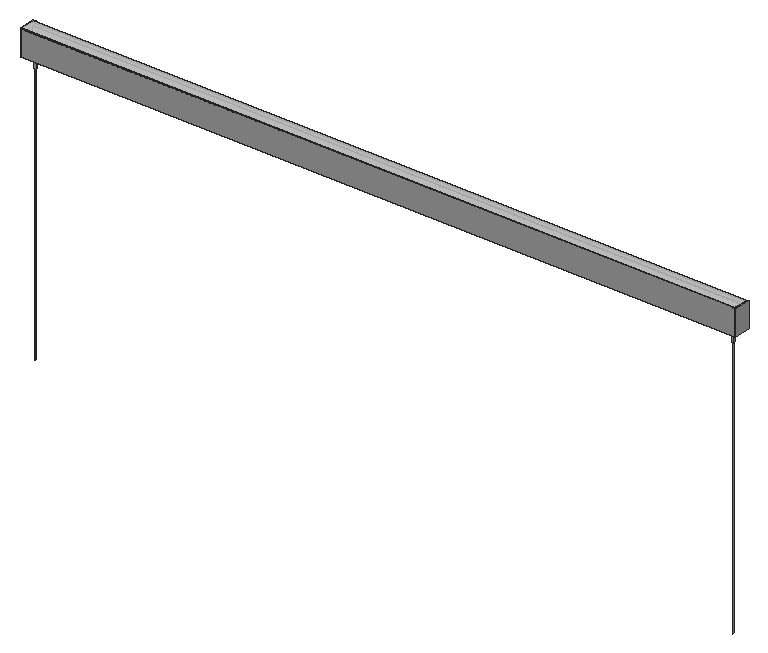
Revit family "2093145 Sylvania Lighting Fixture MC2-KIT 2-4M 4K DALI WHT PROS", category Lighting Fixtures, host Face, Revit 2016
Family settings
  Host = Face
  Part Type = Normal
  Round Connector Dimension = Use Diameter
  OmniClass Number = 23.80.70.11.17
  OmniClass Title = Specialized Lighting by Location or Use
  Cut with Voids When Loaded = No
  Light Source = Yes
  Shared = No
  Room Calculation Point = No
Parameters (values of type "2093145 MC2-KIT 2.4M 4K DALI WHT PRIS")
  Width_SYL = 54.0 mm
  Weight = "6.3 kg"
  Wattage = 42 W
  WarrantyStartDate [instance] = "n/a"
  WarrantyGuarantorParts = "n/a"
  WarrantyDurationUnit = "n/a"
  WarrantyDurationParts = "n/a"
  WarrantyDescription = "n/a"
  built-in parameter 1150110 = 1 (stored number, unit not read)
  Voltage = 0 V
  URL = "http://www.sylvania-lighting.com"
  TypeName = "MC2-KIT 2.4M 4K DALI WHT PRIS"
  built-in parameter 1114217 = 1 (stored number, unit not read)
  Tilt Angle = -90.00°
  built-in parameter 1150109 = 1 (stored number, unit not read)
  built-in parameter 1150134 = 12
  built-in parameter 1150113 = 1 (stored number, unit not read)
  SerialNumber [instance] = "n/a"
  PowerFactor = 0.98
  PowerConsumption = "42 W"
  NominalWidth = 0.0 mm
  NominalLength = 2400.0 mm
  NominalHeight = 86.0 mm
  Name = "MC2-KIT 2.4M 4K DALI WHT PRIS"
  ModelReference = "MC2-KIT 2.4M 4K DALI WHT PRIS"
  ModelNumber = "2093145"
  Material_3_SYL = Metal_Sylvania_Mini Contiuum II_Silver
  Photometric Web File = "2093145.ies"
  Material_4_SYL = Metal_Sylvania_Mini Contiuum II_Silver
  MountingHeight_SYL [instance] = 1000.0 mm
  Material = "aluminium housing, polycarbonate diffuser"
  ManufacturerName = "Feilo Sylvania"
  LuminousEfficacy = "106 lm/W"
  LuminaireType = ""
  LightOutputRatio = "100"
  Length_SYL = 2400.0 mm
  LampsType = Lamp  # "LED"
  LampNominalLuminous = "4442 lm"
  LampMacAdamStep = "3"
  LampColourTemperature = "4000 K"
  LampColourRenderingIndex = "80"
  Keynote = "16500"
  InstallationDate [instance] = "n/a"
  InputVoltage = "n/a"
  InputNominalFrequency = "n/a"
  IngressProtection = "IP20"
  ImpactProtectionIndex = "n/a"
  IfcExportType = "IfcLightFixtureType"
  IfcExportAs = "IfcLightFixtureType"
  Height_SYL = 86.0 mm
  ExpectedLife = 50000
  Emit from Rectangle Width = Width_SYL - 2.0 mm  # 52.0 mm
  Emit from Rectangle Length = Length_SYL  # 2400.0 mm
  Emit Shape Visible in Rendering = no
  ElectricShockClassification = "Class I"
  DurationUnit = "hours"
  DocumentationLiterature = "http://www.sylvania-lighting.com/product/en-int/products/2093145"
  DimmingControlOptions = "n/a"
  CreatedOn = "10/15/2018"
  CreatedBy = "@sylvania-lighting.com"
  built-in parameter 1114216 [instance] = 1 (stored number, unit not read)
  Model = "MC2-KIT 2.4M 4K DALI WHT PRIS"
  Manufacturer = "Feilo Sylvania"
  built-in parameter 1150105 = 354.28 (stored number, unit not read)
  Lumens = 4452 lm
  built-in parameter 1150115 = 1 (stored number, unit not read)
  built-in parameter 1150137 = (empty or 0)
  built-in parameter 1150139 = (empty or 0)
  built-in parameter 1150112 = 1 (stored number, unit not read)
  built-in parameter 1150114 = 1 (stored number, unit not read)
  Lamp = "LED"
  built-in parameter 1150132 = 2
  built-in parameter 1150102 = (empty or 0)
  built-in parameter 1150107 = 4000 (stored number, unit not read)
  built-in parameter 1150138 = (empty or 0)
  built-in parameter 1150106 = 3.5428 (stored number, unit not read)
  Material_1_SYL = Metal_Sylvania_Mini Continuum II_White
  built-in parameter 1150104 = 9.8477 (stored number, unit not read)
  Dimming Lamp Color Temperature Shift = <None>
  Material_2_SYL = Polycarbonate_Sylvania_Mini Continuum II_Opal_4000K
  Description = "2093145   MC2-KIT 2.4M 4K DALI WHT PRIS  Continuous lines of LED light, white RAL 9016, direct distribution, suspended kit version is pre-wired and supplied complete with end caps and suspension cables, compact and minimalist design based on the Golden Mean, ideal for offices, meeting rooms, corridors, education facilities, museums and libraries, extruded aluminium body, diffuser: micro prismatic, colour temperature: 4000K neutral white, total system power: 42W, total fixture output: 4190lm, luminaire efficacy: 100lm/W, LOR: 100%, colour rendering: Ra >80, LED Chromacity: 1 step MacAdam ellipse, lifetime: 60,000 hours at 90% of the original output (L90), energy class: A++, A+, A, IR/UV free light source without heat radiation, operating voltage: 220-240V / 50-60Hz, drive current: 800mA, electronic driver, DALI dimmable, electrical protection: CLASS I, IP20, suitable for internal environment only."
  Default Elevation = 0.0 mm
  Color Filter = 16777215
  built-in parameter 1140040 [instance] = 1
  BarCode [instance] = "n/a"
  built-in parameter 1114218 = 1 (stored number, unit not read)
  built-in parameter 1150133 = 10 (stored number, unit not read)
  AssetType = "Fixed"
  AssetIdentifier [instance] = "n/a"
  Assembly Code = "D5020200"
  Apparent Load = 42 VA
Reference planes
  plane 1 "Center (Front/Back)": y = 0
  plane 2 "Bottom Fixtures": z = 0
  plane 3 "Center (Left/Right)": x = 0
  plane 4 "Fixture Left": x = -1200
  plane 5 "Fixture Right": x = 1200
  plane 6 "Fixture Bottom": z = 1000
  plane 7: z = 998
  plane 8: z = 996
  plane 9: z = 986.951
  plane 10: z = 956.951
  plane 11 "Fixture Top": z = 914
  plane 12 "Mounting Right": x = 1172
  plane 13 "Mounting Left": x = -1172
  plane 14: z = 879
  plane 15: y = 27
  plane 16: y = -27
  plane 17: y = -26
  plane 18: y = -25
  plane 19: y = 26
  plane 20: y = 25
  plane 21: y = 11
  plane 22: y = -11
  plane 23: y = 24
  plane 24: y = 22
  plane 25: y = -22
  plane 26: y = 15
  plane 27: y = -15
  plane 28 "Upper Diffuser Left": x = -1050
  plane 29 "Upper Diffuser Right": x = 1050
  plane 30: x = -1202
  plane 31: x = 1202
Forms (mm)
  Extrusion 1, solid, material "Metal_Sylvania_Mini Continuum II_White" <- "Material_1_SYL", detail levels fine
    sketch origin (0, 0, 520) x (0, 1, 0) y (0, 0, 1)
      loop
        line (27, 480) -> (26, 480) -> (26, 478) -> (25, 478) -> (25, 396) -> (13, 396) -> (13, 398) -> (-13, 398) -> (-13, 396) -> (-25, 396) -> (-25, 478) -> (-26, 478) -> (-26, 480) -> (-27, 480) -> (-27, 394) -> (-11, 394) -> (-11, 396) -> (11, 396) -> (11, 394) -> (27, 394) -> (27, 480)
    from -1200 to 1200
  Extrusion 2, solid, material "Polycarbonate_Sylvania_Mini Continuum II_Opal_4000K" <- "Material_2_SYL", detail levels fine
    sketch origin (0, 0, 520) x (0, 1, 0) y (0, 0, 1)
      loop
        line (-26, 480) -> (-26, 478) -> (26, 478) -> (26, 480) -> (-26, 480)
    from -1200 to 1200
  Extrusion 3, solid, material "Metal_Sylvania_Mini Contiuum II_Silver" <- "Material_3_SYL", detail levels fine
    sketch origin (0, 0, 520) x (0, 1, 0) y (0, 0, 1)
      loop
        line (22, 466.951) -> (20.973, 466.951) -> (14.206, 437.951) -> (11, 437.951) -> (11, 436.951) -> (15, 436.951) -> (22, 466.951)
      loop
        line (-15, 436.951) -> (-11, 436.951) -> (-11, 437.951) -> (-14.206, 437.951) -> (-20.973, 466.951) -> (-22, 466.951) -> (-15, 436.951)
    from -1200 to 1200
  Extrusion 4, solid, material "Metal_Sylvania_Mini Continuum II_White" <- "Material_1_SYL", detail levels coarse+medium
    sketch origin (0, 0, 520) x (0, 1, 0) y (0, 0, 1)
      loop
        line (-27, 480) -> (-27, 394) -> (27, 394) -> (27, 480) -> (-27, 480)
    from -1200 to 1200
  Extrusion 5, solid, material "Metal_Sylvania_Mini Contiuum II_Silver" <- "Material_4_SYL", detail levels fine
    sketch origin (0, 0, -86) x (-1, 0, 0) y (0, -1, 0)
      loop
        circle (1172, 0) r 4
      loop
        circle (-1172, 0) r 4
    from 965 to 1002
  Extrusion 6, solid, material "Metal_Sylvania_Mini Contiuum II_Silver" <- "Material_4_SYL", detail levels fine
    sketch origin (0, 0, -86) x (-1, 0, 0) y (0, -1, 0)
      loop
        circle (-1172, 0) r 1
      loop
        circle (1172, 0) r 1
    from 86 to 965
  Extrusion 7, solid, material "Metal_Sylvania_Mini Continuum II_White" <- "Material_1_SYL"
    sketch origin (-1200, 171.684, 1219.2) x (0, 1, 0) y (0, 0, 1)
      loop
        line (-198.684, -305.2) -> (-144.684, -305.2) -> (-144.684, -219.2) -> (-198.684, -219.2) -> (-198.684, -305.2)
    from 0 to -2
  Extrusion 8, solid, material "Metal_Sylvania_Mini Continuum II_White" <- "Material_1_SYL"
    sketch origin (1200, 171.684, 1219.2) x (0, 1, 0) y (0, 0, -1)
      loop
        line (-144.684, 219.2) -> (-144.684, 305.2) -> (-198.684, 305.2) -> (-198.684, 219.2) -> (-144.684, 219.2)
    from 0 to -2
Lines and regions (mm)
  Masking region 1
    outline origin (0, 0, -86) x (-1, 0, 0) y (0, -1, 0)
      loop
        line (1200, -27) -> (1200, 27) -> (-1200, 27) -> (-1200, -27) -> (1200, -27)
  symbolic lines, detail levels fine
    curve 1: line (-1200, 26, -86) -> (1200, 26, -86)
    curve 2: line (-1200, -26, -86) -> (1200, -26, -86)
  model lines, detail levels coarse+medium
    curve 3: line (-1172, 0, 914) -> (-1172, 0, 0)
    curve 4: line (1172, 0, 914) -> (1172, 0, 0)
Dimensions and locks
  host sketch curve to plane 3 "Center (Left/Right)" to host sketch curve = 820.0 mm, 775.047 mm
  equal spacing: plane 4 "Fixture Left", plane 3 "Center (Left/Right)", plane 5 "Fixture Right"
  "Length_SYL": plane 4 "Fixture Left" to plane 5 "Fixture Right"
  plane 6 "Fixture Bottom" to plane 7 to plane 8 to plane 9 to plane 10 = 2.0 mm locked, 2.0 mm locked, 9.049 mm locked, 30.0 mm locked
  locked: Extrusion 1 sketch curve to Extrusion 1 sketch curve at 2
  locked: Extrusion 1 sketch curve to plane 11 "Fixture Top" at 2
  "Height_SYL": plane 6 "Fixture Bottom" to plane 11 "Fixture Top"
  locked: plane 12 "Mounting Right" to plane 5 "Fixture Right" at 28
  locked: plane 4 "Fixture Left" to plane 13 "Mounting Left" at 28
  locked: plane 11 "Fixture Top" to plane 14 at 35
  "MountingHeight_SYL": plane 6 "Fixture Bottom" to plane 2 "Bottom Fixtures"
  equal spacing: plane 15, plane 1 "Center (Front/Back)", plane 16
  "Width_SYL": plane 15 to plane 16
  plane 22 to plane 27 to plane 25 to plane 18 to plane 17 to plane 16 = 4.0 mm locked, 7.0 mm locked, 3.0 mm locked, 1.0 mm locked, 1.0 mm locked
  plane 15 to plane 19 to plane 20 to plane 23 to plane 24 to plane 26 to plane 21 = 1.0 mm locked, 1.0 mm locked, 1.0 mm locked, 2.0 mm locked, 7.0 mm locked, 4.0 mm locked
  locked: plane 4 "Fixture Left" to plane 28 "Upper Diffuser Left" at 150
  locked: plane 29 "Upper Diffuser Right" to plane 5 "Fixture Right" at 150
  equal spacing: plane 30, plane 3 "Center (Left/Right)", plane 31
  locked: plane 30 to plane 4 "Fixture Left" at 2
  aligned and locked: plane 2 "Bottom Fixtures" to host face
  aligned and locked: level to host face
  aligned and locked: plane 5 "Fixture Right" to curve 1
  aligned and locked: plane 4 "Fixture Left" to curve 1
  aligned and locked: plane 4 "Fixture Left" to curve 2
  aligned and locked: plane 5 "Fixture Right" to curve 2
  aligned and locked: Extrusion 1 sketch curve to plane 7
  aligned and locked: plane 6 "Fixture Bottom" to Extrusion 1 sketch curve  (x2)
  aligned and locked: plane 7 to Extrusion 1 sketch curve
  aligned and locked: Extrusion 1 to Extrusion 2 sketch curve
  aligned and locked: Extrusion 2 sketch curve to Extrusion 1  (x3)
  aligned and locked: Extrusion 3 sketch curve to plane 10
  aligned and locked: plane 9 to Extrusion 3 sketch curve
  aligned and locked: Extrusion 3 sketch curve to plane 9
  aligned and locked: Extrusion 4 sketch curve to plane 6 "Fixture Bottom"
  aligned and locked: Extrusion 4 to plane 4 "Fixture Left"
  aligned and locked: Extrusion 2 to plane 4 "Fixture Left"
  aligned and locked: Extrusion 3 to plane 4 "Fixture Left"
  aligned and locked: Extrusion 1 to plane 4 "Fixture Left"
  aligned and locked: Extrusion 4 to plane 5 "Fixture Right"
  aligned and locked: Extrusion 2 to plane 5 "Fixture Right"
  aligned and locked: Extrusion 3 to plane 5 "Fixture Right"
  aligned and locked: Extrusion 1 to plane 5 "Fixture Right"
  aligned and locked: plane 11 "Fixture Top" to Extrusion 4 sketch curve
  aligned and locked: Extrusion 1 sketch curve to plane 11 "Fixture Top"  (x2)
  aligned and locked: Extrusion 1 sketch curve to Extrusion 1 sketch curve
  aligned and locked: plane 6 "Fixture Bottom" to imposter light
  aligned and locked: plane 11 "Fixture Top" to curve 3
  aligned and locked: plane 2 "Bottom Fixtures" to curve 3
  aligned and locked: plane 11 "Fixture Top" to curve 4
  aligned and locked: plane 2 "Bottom Fixtures" to curve 4
  aligned and locked: curve 4 to plane 12 "Mounting Right"
  aligned and locked: curve 3 to plane 13 "Mounting Left"
  aligned and locked: Extrusion 5 to Extrusion 1
  aligned and locked: Extrusion 5 to plane 14
  aligned and locked: plane 14 to Extrusion 6
  aligned and locked: Extrusion 6 to level
  aligned and locked: plane 21 to Extrusion 3 sketch curve
  aligned and locked: Extrusion 3 sketch curve to plane 22
  aligned and locked: Extrusion 7 sketch curve to Extrusion 4  (x4)
  aligned and locked: Extrusion 7 to plane 30
  aligned and locked: plane 4 "Fixture Left" to Extrusion 7
  aligned and locked: Extrusion 8 sketch curve to Extrusion 4  (x4)
  aligned and locked: plane 31 to Extrusion 8
  aligned and locked: plane 5 "Fixture Right" to Extrusion 8
Automatic sketch dimensions
  host sketch curve to host sketch curve = 1047.463 mm
  plane 19 to curve 1 = 0.0 mm
  curve 2 to plane 17 = 0.0 mm
  Masking region 1 sketch curve to plane 5 "Fixture Right" = 0.0 mm
  Masking region 1 sketch curve to plane 4 "Fixture Left" = 0.0 mm
  plane 15 to Masking region 1 sketch curve = 0.0 mm
  Masking region 1 sketch curve to plane 16 = 0.0 mm
  Extrusion 1 sketch curve to plane 16 = 0.0 mm
  Extrusion 1 sketch curve to plane 17 = 0.0 mm
  Extrusion 1 sketch curve to plane 18 = 0.0 mm
  Extrusion 1 sketch curve to plane 22 = 0.0 mm
  Extrusion 1 sketch curve to plane 21 = 0.0 mm
  Extrusion 1 sketch curve to plane 20 = 0.0 mm
  Extrusion 1 sketch curve to plane 19 = 0.0 mm
  Extrusion 1 sketch curve to plane 15 = 0.0 mm
  plane 11 "Fixture Top" to Extrusion 1 sketch curve = 2.0 mm
  Extrusion 1 sketch curve to plane 22 = 2.0 mm
  Extrusion 1 sketch curve to plane 21 = 2.0 mm
  Extrusion 3 sketch curve to plane 25 = 0.0 mm
  Extrusion 3 sketch curve to plane 27 = 0.0 mm
  Extrusion 3 sketch curve to plane 26 = 0.0 mm
  Extrusion 3 sketch curve to plane 24 = 0.0 mm
  plane 10 to Extrusion 3 sketch curve = 1.0 mm
  Extrusion 3 sketch curve to Extrusion 3 sketch curve = 1.027 mm
  plane 27 to Extrusion 3 sketch curve = 0.794 mm
  plane 26 to Extrusion 3 sketch curve = 0.794 mm
  plane 24 to Extrusion 3 sketch curve = 1.027 mm
  Extrusion 4 sketch curve to plane 16 = 0.0 mm
  Extrusion 4 sketch curve to plane 15 = 0.0 mm
  plane 1 "Center (Front/Back)" to Extrusion 5 sketch curve = 0.0 mm  (x2)
  Extrusion 5 sketch curve to plane 12 "Mounting Right" = 0.0 mm
  Extrusion 5 sketch curve to plane 13 "Mounting Left" = 0.0 mm
  plane 1 "Center (Front/Back)" to Extrusion 6 sketch curve = 0.0 mm  (x2)
  Extrusion 6 sketch curve to plane 12 "Mounting Right" = 0.0 mm
  Extrusion 6 sketch curve to plane 13 "Mounting Left" = 0.0 mm
  Extrusion 3 sketch curve to Extrusion 3 sketch curve = 0.0 mm
  Extrusion 3 sketch curve to plane 10 = 0.0 mm
  radius of Extrusion 5 sketch curve = 4.0 mm  (x2)
  radius of Extrusion 6 sketch curve = 1.0 mm  (x2)
Connectors
  electrical at (1200, 0, 949), driven by "Apparent Load"
    settings: on Extrusion 1, index 1, voltage 230 V, apparent load 0 VA, apparent load phase1 42 VA, apparent load phase2 0 VA, apparent load phase3 0 VA, power factor 1, load classification "Lighting", number of poles 1, system type 31, power factor state 1, is connector primary yes, connector utility no, sub classification motor no, connector description ""
